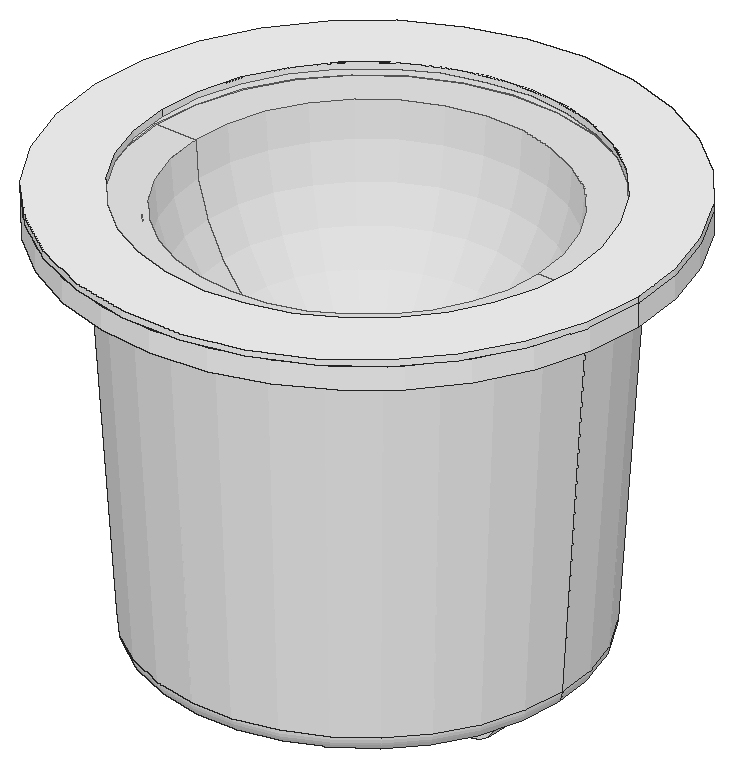
Revit family "2058887 Feilo Sylvania Lighting Fixture MYRD IP ST 3K DALIEM BLK WBEZ", category Lighting Fixtures, host Face, Revit 2017
Family settings
  Host = Face
  Round Connector Dimension = Use Diameter
  Part Type = Normal
  OmniClass Number = 23.80.70.11.17
  OmniClass Title = Specialized Lighting by Location or Use
  Cut with Voids When Loaded = No
  Light Source = Yes
  Shared = No
  Room Calculation Point = No
Parameters
  Weight = "1.44 kg"
  Wattage = 15 W
  WarrantyStartDate [instance] = "n/a"
  WarrantyGuarantorParts = "n/a"
  WarrantyDurationUnit = "n/a"
  WarrantyDurationParts = "n/a"
  WarrantyDescription = "n/a"
  built-in parameter 1150110 = 1 (stored number, unit not read)
  Voltage = 230 V
  URL = "http://www.sylvania-lighting.com"
  TypeName = "MYRD IP ST 3K DALIEM BLK WBEZ"
  Type Image = 0
  Type Comments = ""
  built-in parameter 1114217 = 1 (stored number, unit not read)
  Tilt Angle = -90°
  built-in parameter 1150109 = 1 (stored number, unit not read)
  built-in parameter 1150134 = (empty or 0)
  built-in parameter 1150113 = 1 (stored number, unit not read)
  SerialNumber [instance] = "n/a"
  Reflector Radius = Cutout Diameter / 2 - 2.5 mm  # 35.0 mm
  Reflector Material = Aluminum_Sylvania_Myriad_Bright
  Recessed Depth = Height  # 72.0 mm
  PowerFactor = 0
  PowerConsumption = "15 W"
  Photometric Web File = ""
  NominalWidth = 0.0 mm
  NominalLength = 76.0 mm
  NominalHeight = 72.0 mm
  Name = "MYRD IP ST 3K DALIEM BLK WBEZ"
  ModelReference = "MYRD IP ST 3K DALIEM BLK WBEZ"
  ModelNumber = "2058887"
  Material = "Aluminium"
  ManufacturerName = "Feilo Sylvania"
  LuminousEfficacy = "62 lm/W"
  LuminaireType = "Ceiling recessed"
  LightOutputRatio = "1"
  LampsType = Lamp  # "LED"
  LampNominalLuminous = "932 lm"
  LampMacAdamStep = "n/a"
  LampColourTemperature = "3000 K"
  LampColourRenderingIndex = "n/a"
  Keynote = "16500"
  Keynote_2 = "16500"
  InstallationDate [instance] = "n/a"
  InputVoltage = "230-240V~"
  InputNominalFrequency = "50/60 Hz"
  IngressProtection = "IP65"
  ImpactProtectionIndex = "IK02"
  IfcExportType = "IfcLightFixtureType"
  IfcExportAs = "IfcLightFixtureType"
  Height = 72.0 mm  # constant formula
  ExpectedLife = 50000
  Emit from Circle Diameter = Accessory Inner Diameter 2  # 68.0 mm
  Emit Shape Visible in Rendering = no
  ElectricShockClassification = "Class II"
  DurationUnit = "hours"
  DocumentationLiterature = "http://www.sylvania-lighting.com/product/en-int/products/2058887"
  DimmingControlOptions = "Dimmable"
  Diffuser Material = Glass_Sylvania_Myriad_Clear_4000K
  Diffuser Diameter = Cutout Diameter  # 75.0 mm
  Cutout Diameter = 75.0 mm  # constant formula
  CreatedOn = "03-11-2017"
  CreatedBy = ""
  Cost = 0
  built-in parameter 1114216 [instance] = 1 (stored number, unit not read)
  built-in parameter 1150142 = (empty or 0)
  Model = "MYRD IP ST 3K DALIEM BLK WBEZ"
  Manufacturer = "Feilo Sylvania"  # constant formula
  built-in parameter 1150105 = 74.007 (stored number, unit not read)
  Lumens = 930 lm
  built-in parameter 1150115 = 1 (stored number, unit not read)
  built-in parameter 1150137 = (empty or 0)
  built-in parameter 1150139 = (empty or 0)
  built-in parameter 1150112 = 1 (stored number, unit not read)
  built-in parameter 1150114 = 1 (stored number, unit not read)
  Lamp = "LED"
  built-in parameter 1150132 = (empty or 0)
  built-in parameter 1150102 = (empty or 0)
  built-in parameter 1150107 = 3000 (stored number, unit not read)
  built-in parameter 1150138 = (empty or 0)
  built-in parameter 1150106 = 0.74007 (stored number, unit not read)
  built-in parameter 1150104 = 5.76 (stored number, unit not read)
  Dimming Lamp Color Temperature Shift = (empty or 0)
  Description = "Supplied complete with electronic control gear Compact Fluorescent low energy downlight Emergency version passes through the cut out Ideal for low level orientation lighting New range of Architectural accessories each providing a different lit dimension New completely flush plaster up accessory ring for clean ceiling lines and smooth finish Order lamp separately"  # constant formula
  Default Elevation = 0.0 mm
  Color Filter = 16777215
  built-in parameter 1140040 [instance] = 1
  Body Radius = Reflector Radius + 1.5 mm  # 36.5 mm
  Body Material = Aluminum_Sylvania_Myriad_Gray
  BarCode [instance] = "n/a"
  built-in parameter 1114218 = 1 (stored number, unit not read)
  built-in parameter 1150133 = 10 (stored number, unit not read)
  AssetType = "Fixed"
  AssetIdentifier [instance] = "n/a"
  Assembly Code = "D5020200"
  Apparent Load = 15 VA
  Accessory Material = Aluminum_Sylvania_Myriad_White
  Accessory Inner Diameter 2 = Accessory Diameter - 22.0 mm  # 68.0 mm
  Accessory Inner Diameter 1 = Accessory Diameter - 2.0 mm  # 88.0 mm
  Accessory Diameter = Cutout Diameter + 15.0 mm  # 90.0 mm
Reference planes
  plane 1 "Center (Front/Back)": y = 0
  plane 2: z = 0
  plane 3 "Center (Left/Right)": x = 0
  plane 4: z = 2
  plane 5 "Fixture Bottom": z = 4.5
  plane 6: z = -28.5
  plane 7: z = -61.5
  plane 8 "Fixture Top": z = -67.5
  plane 9: z = 3.5
Forms (mm)
  Revolve 1, solid, material "Aluminum_Sylvania_Myriad_Bright" <- "Reflector Material", detail levels fine
    sketch origin (0, 0, 0) x (1, 0, 0) y (0, 0, 1)
      loop
        line (0, -27.515) -> (-6, -27.515)
        arc (-6, -27.515) -> (-22.333, -16.632) -> (-28.5, 2) r 30.135
        line (-28.5, 2) -> (-35, 2) -> (-35, 0) -> (-29.184, 0)
        arc (-29.184, 0) -> (-22.423, -18.18) -> (-6, -28.5) r 30.204
        line (-6, -28.5) -> (0, -28.5) -> (0, -27.515)
      axis (0, -28.5) -> (0, 2)
    angle from 0 to 360
  Revolve 2, solid, material "Aluminum_Sylvania_Myriad_Gray" <- "Body Material", detail levels fine
    sketch origin (0, 0, 0) x (1, 0, 0) y (0, 0, 1)
      loop
        line (-44, 2) -> (-44, 0) -> (-36.5, 0) -> (-32.42, -58.708)
        arc (-32.42, -58.708) -> (-31.474, -60.694) -> (-29.428, -61.5) r 3
        line (-29.428, -61.5) -> (0, -61.5) -> (0, -28.5) -> (-6, -28.5)
        arc (-6, -28.5) -> (-22.423, -18.18) -> (-29.184, 0) r 30.204
        line (-29.184, 0) -> (-35, 0) -> (-35, 2) -> (-44, 2)
      axis (0, 2) -> (0, -61.5)
    angle from 0 to 360
  Extrusion 3, solid, material "Aluminum_Sylvania_Myriad_Gray" <- "Body Material", detail levels fine
    sketch origin (0, 0, 0) x (1, 0, 0) y (0, 0, 1)
      loop
        line (-13.5, -67.5) -> (21, -67.5)
        arc (21, -67.5) -> (23.828, -66.328) -> (25, -63.5) r 4
        line (25, -63.5) -> (25, -61.5) -> (-17.5, -61.5) -> (-17.5, -63.5)
        arc (-17.5, -63.5) -> (-16.328, -66.328) -> (-13.5, -67.5) r 4
    from -4.5 to 4.5
  Extrusion 4, solid, material "Aluminum_Sylvania_Myriad_White" <- "Accessory Material", detail levels fine
    sketch origin (0, 0, 0) x (1, 0, 0) y (0, 1, 0)
      loop
        circle (0, 0) r 45
      loop
        circle (0, 0) r 44
    from 0 to 3.5
  Extrusion 5, solid, material "Aluminum_Sylvania_Myriad_White" <- "Accessory Material", detail levels fine
    sketch origin (0, 0, 0) x (1, 0, 0) y (0, 1, 0)
      loop
        circle (0, 0) r 45
      loop
        circle (0, 0) r 34
    from 3.5 to 4.5
  Extrusion 6, solid, material "Aluminum_Sylvania_Myriad_White" <- "Accessory Material", detail levels coarse+medium
    sketch origin (0, 0, 0) x (1, 0, 0) y (0, 1, 0)
      loop
        circle (0, 0) r 45
    from 0 to 4.5
  Revolve 7, solid, detail levels coarse+medium
    sketch origin (0, 0, 0) x (1, 0, 0) y (0, 0, 1)
      loop
        line (36.5, 0) -> (0, 0) -> (0, -61.5) -> (32.226, -61.5) -> (36.5, 0)
      axis (0, 0) -> (0, -61.5)
    angle from 0 to 360
  Extrusion 8, void
    sketch origin (0, 0, 0) x (1, 0, 0) y (0, 1, 0)
      loop
        circle (0, 0) r 37.5
    from -67.5 to 0
  Extrusion 9, solid, material "Glass_Sylvania_Myriad_Clear_4000K" <- "Diffuser Material", detail levels fine
    sketch origin (0, 0, 0) x (1, 0, 0) y (0, 1, 0)
      loop
        circle (0, 0) r 37.5
    from 2 to 3.5
Cuts and joins
  joined: Extrusion 4, Extrusion 5
Lines and regions (mm)
  Masking region 1
    outline origin (0, 0, 0) x (1, 0, 0) y (0, 1, 0)
      loop
        circle (0, 0) r 45
  symbolic lines
    curve 1: arc (-34, 0, 0) -> (0, 34, 0) -> (34, 0, 0) r 34
    curve 2: arc (34, 0, 0) -> (0, -34, 0) -> (-34, 0, 0) r 34
Dimensions and locks
  locked: plane 7 to plane 8 "Fixture Top" at 6
  "Body Radius": Revolve 7 sketch curve to plane 3 "Center (Left/Right)"
  locked: Revolve 7 sketch curve to Revolve 7 sketch curve at 4.274
  plane 5 "Fixture Bottom" to plane 9 to plane 4 to plane 2 to plane 6 = 1.0 mm locked, 1.5 mm locked, 2.0 mm locked, 28.5 mm locked
  "Reflector Radius": Revolve 1 sketch curve to plane 3 "Center (Left/Right)"
  Revolve 1 sketch curve to Revolve 1 sketch curve to Revolve 1 sketch curve to Revolve 1 sketch curve = 6.5 mm locked, 22.5 mm locked, 0.0 mm locked
  "Reflector Radius": plane 3 "Center (Left/Right)" to Revolve 2 sketch curve
  Revolve 2 sketch curve to Revolve 2 sketch curve to Revolve 2 sketch curve = 7.5 mm locked, 1.5 mm locked
  Revolve 2 sketch curve to Revolve 2 sketch curve to Revolve 2 sketch curve = 5.816 mm locked, 23.184 mm locked
  Revolve 2 sketch curve to Revolve 2 sketch curve to Revolve 2 sketch curve = 2.58 mm locked, 2.993 mm locked
  "Accessory Diameter": diameter of Extrusion 4 sketch curve
  "Accessory Inner Diameter 1": diameter of Extrusion 4 sketch curve
  "Accessory Diameter": diameter of Extrusion 5 sketch curve
  "Accessory Diameter": diameter of Extrusion 6 sketch curve
  "Cutout Diameter": diameter of Extrusion 8 sketch curve
  "Accessory Inner Diameter 2": diameter of Extrusion 5 sketch curve
  "Diffuser Diameter": diameter of Extrusion 9 sketch curve
  aligned and locked: plane 2 to host face
  aligned and locked: level to host face
  aligned and locked: plane 1 "Center (Front/Back)" to imposter light
  aligned and locked: plane 3 "Center (Left/Right)" to imposter light
  aligned and locked: Revolve 1 sketch curve to imposter light
  aligned and locked: Extrusion 3 sketch curve to plane 8 "Fixture Top"
  aligned and locked: plane 7 to Extrusion 3 sketch curve
  aligned and locked: Extrusion 4 to plane 2
  aligned and locked: plane 9 to Extrusion 4
  aligned and locked: Extrusion 5 to plane 9
  aligned and locked: plane 5 "Fixture Bottom" to Extrusion 5
  aligned and locked: Extrusion 6 to plane 2
  aligned and locked: plane 5 "Fixture Bottom" to Extrusion 6
  aligned and locked: Extrusion 8 to plane 8 "Fixture Top"
  aligned and locked: plane 2 to Extrusion 8
  aligned and locked: Masking region 1 sketch curve to Extrusion 6  (x2)
  aligned and locked: Extrusion 9 to plane 4
  aligned and locked: plane 9 to Extrusion 9
  aligned and locked: plane 4 to Revolve 2 sketch curve
  aligned and locked: Revolve 2 sketch curve to plane 2
  aligned and locked: curve 1 to cut or joined group of Extrusion 4, Extrusion 5
  aligned and locked: curve 2 to cut or joined group of Extrusion 4, Extrusion 5
  aligned and locked: imposter light to plane 5 "Fixture Bottom"
Automatic sketch dimensions
  host sketch curve to host sketch curve = 1305.563 mm
  host sketch curve to host sketch curve = 1283.632 mm
  Extrusion 3 sketch curve to plane 7 = 2.0 mm
  Extrusion 3 sketch curve to plane 3 "Center (Left/Right)" = 13.5 mm
  plane 3 "Center (Left/Right)" to Extrusion 3 sketch curve = 21.0 mm
  Extrusion 3 sketch curve to Extrusion 3 sketch curve = 4.0 mm
  Revolve 1 sketch curve to level = 0.0 mm
  Revolve 1 sketch curve to plane 3 "Center (Left/Right)" = 0.0 mm
  Revolve 1 sketch curve to plane 6 = 0.0 mm
  Revolve 1 sketch curve to plane 4 = 0.0 mm
  Revolve 1 sketch curve to Revolve 1 sketch curve = 0.684 mm
  level to Revolve 1 sketch curve = 0.88 mm
  Revolve 1 sketch curve to plane 4 = 0.363 mm
  Revolve 1 sketch curve to Revolve 1 sketch curve = 0.625 mm
  Revolve 1 sketch curve to plane 8 "Fixture Top" = 232.8 mm
  plane 5 "Fixture Bottom" to Revolve 1 sketch curve = 291.243 mm
  Revolve 2 sketch curve to plane 3 "Center (Left/Right)" = 0.0 mm  (x2)
  Revolve 2 sketch curve to plane 7 = 0.0 mm
  Revolve 2 sketch curve to plane 6 = 0.0 mm
  Revolve 2 sketch curve to level = 0.0 mm
  level to Revolve 2 sketch curve = 0.88 mm
  plane 7 to Revolve 2 sketch curve = 2.792 mm
  Revolve 2 sketch curve to plane 8 "Fixture Top" = 304.774 mm
  plane 5 "Fixture Bottom" to Revolve 2 sketch curve = 1137.105 mm
  Extrusion 4 sketch curve to Extrusion 4 sketch curve = 0.0 mm  (x2)
  plane 1 "Center (Front/Back)" to Extrusion 4 sketch curve = 0.0 mm
  Extrusion 4 sketch curve to plane 3 "Center (Left/Right)" = 0.0 mm
  Extrusion 5 sketch curve to Extrusion 5 sketch curve = 0.0 mm  (x2)
  plane 1 "Center (Front/Back)" to Extrusion 5 sketch curve = 0.0 mm
  Extrusion 5 sketch curve to plane 3 "Center (Left/Right)" = 0.0 mm
  plane 1 "Center (Front/Back)" to Extrusion 6 sketch curve = 0.0 mm
  Extrusion 6 sketch curve to plane 3 "Center (Left/Right)" = 0.0 mm
  Revolve 7 sketch curve to level = 0.0 mm
  Revolve 7 sketch curve to plane 3 "Center (Left/Right)" = 0.0 mm  (x2)
  Revolve 7 sketch curve to plane 7 = 0.0 mm
  Revolve 7 sketch curve to plane 8 "Fixture Top" = 304.774 mm
  plane 5 "Fixture Bottom" to Revolve 7 sketch curve = 43.226 mm
  plane 1 "Center (Front/Back)" to Extrusion 8 sketch curve = 0.0 mm
  Extrusion 8 sketch curve to plane 3 "Center (Left/Right)" = 0.0 mm
  plane 1 "Center (Front/Back)" to Extrusion 9 sketch curve = 0.0 mm
  Extrusion 9 sketch curve to plane 3 "Center (Left/Right)" = 0.0 mm
Connectors
  electrical at (-0.006, -0.019, -67.5), driven by "Apparent Load", driven by "Apparent Load"
    settings: on plane 8 "Fixture Top", index 1, voltage 230 V, apparent load 15 VA, apparent load phase1 15 VA, apparent load phase2 0 VA, apparent load phase3 0 VA, power factor 1, load classification "Lighting", number of poles 1, system type 30, power factor state 1, is connector primary yes, connector utility no, sub classification motor no, connector description ""
